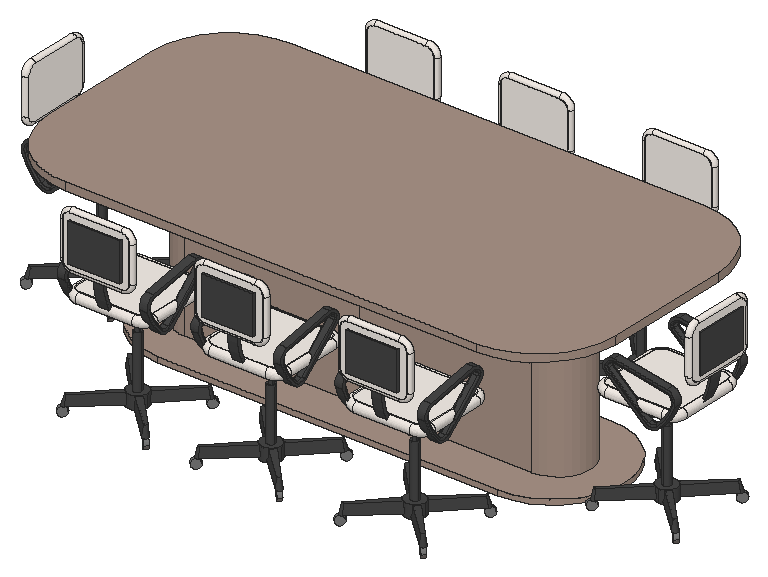
Revit family
Parameters (values of type "2200 x 1100 mm")
  Width = 1100 mm
  Table Material = Wood
  Length = 2200 mm
  Height = 700 mm
Reference planes
  plane 1 "Center (Front/Back)": y = 0
  plane 2: z = 0
  plane 3 "Center (Left/Right)": x = 0
  plane 4: z = 700
  plane 5: x = -1100
  plane 6: x = 1100
  plane 7: y = 550
  plane 8: y = -550
Forms (mm)
  Extrusion 1, solid, material "Wood" <- "Table Material"
    sketch origin (0, 0, 700) x (-1, 0, 0) y (0, -1, 0)
      loop
        line (-800, -550) -> (800, -550)
        arc (800, -550) -> (1012.132, -462.132) -> (1100, -250) r 300
        line (1100, -250) -> (1100, 250)
        arc (1100, 250) -> (1012.132, 462.132) -> (800, 550) r 300
        line (800, 550) -> (-800, 550)
        arc (-800, 550) -> (-1012.132, 462.132) -> (-1100, 250) r 300
        line (-1100, 250) -> (-1100, -250)
        arc (-1100, -250) -> (-1012.132, -462.132) -> (-800, -550) r 300
    from 0 to -30
  Extrusion 2, solid, material "Wood" <- "Table Material"
    sketch origin (0, 0, 0) x (1, 0, 0) y (0, 1, 0)
      loop
        line (0, 125) -> (-675, 125)
        arc (-675, 125) -> (-800, 0) -> (-675, -125) r 125
        line (-675, -125) -> (0, -125) -> (675, -125)
        arc (675, -125) -> (800, 0) -> (675, 125) r 125
        line (675, 125) -> (0, 125)
    from 20 to 670
  Extrusion 3, solid, material "Wood" <- "Table Material"
    sketch origin (0, 0, 0) x (1, 0, 0) y (0, 1, 0)
      loop
        arc (-660, 275) -> (-935, 0) -> (-660, -275) r 275
        line (-660, -275) -> (660, -275)
        arc (660, -275) -> (935, 0) -> (660, 275) r 275
        line (660, 275) -> (-660, 275)
    from 0 to 20
Lines and regions (mm)
  model lines
    curve 1: line (0, -470, 670) -> (0, -470, 410)
  symbolic lines
    curve 2: arc (-800, 550, 0) -> (-1012.132, 462.132, 0) -> (-1100, 250, 0) r 300
    curve 3: line (800, 550, 0) -> (-800, 550, 0)
    curve 4: arc (-1100, -250, 0) -> (-1012.132, -462.132, 0) -> (-800, -550, 0) r 300
    curve 5: line (-1100, -250, 0) -> (-1100, 250, 0)
    curve 6: line (-800, -550, 0) -> (800, -550, 0)
    curve 7: arc (800, -550, 0) -> (1012.132, -462.132, 0) -> (1100, -250, 0) r 300
    curve 8: line (1100, -250, 0) -> (1100, 250, 0)
    curve 9: arc (1100, 250, 0) -> (1012.132, 462.132, 0) -> (800, 550, 0) r 300
    curve 10: line (-665.168, 718.978, 0) -> (-370.743, 718.978, 0)
    curve 11: line (-665.168, 401.261, 0) -> (-665.168, 718.978, 0)
    curve 12: line (-370.743, 401.261, 0) -> (-665.168, 401.261, 0)
    curve 13: line (-370.743, 718.978, 0) -> (-370.743, 401.261, 0)
    curve 14: line (-145.168, 718.978, 0) -> (149.257, 718.978, 0)
    curve 15: line (-145.168, 401.261, 0) -> (-145.168, 718.978, 0)
    curve 16: line (149.257, 401.261, 0) -> (-145.168, 401.261, 0)
    curve 17: line (149.257, 718.978, 0) -> (149.257, 401.261, 0)
    curve 18: line (414.832, 718.978, 0) -> (709.257, 718.978, 0)
    curve 19: line (414.832, 401.261, 0) -> (414.832, 718.978, 0)
    curve 20: line (709.257, 401.261, 0) -> (414.832, 401.261, 0)
    curve 21: line (709.257, 718.978, 0) -> (709.257, 401.261, 0)
    curve 22: line (-665.168, -718.978, 0) -> (-370.743, -718.978, 0)
    curve 23: line (-665.168, -401.261, 0) -> (-665.168, -718.978, 0)
    curve 24: line (-370.743, -401.261, 0) -> (-665.168, -401.261, 0)
    curve 25: line (-370.743, -718.978, 0) -> (-370.743, -401.261, 0)
    curve 26: line (-145.168, -718.978, 0) -> (149.257, -718.978, 0)
    curve 27: line (-145.168, -401.261, 0) -> (-145.168, -718.978, 0)
    curve 28: line (149.257, -401.261, 0) -> (-145.168, -401.261, 0)
    curve 29: line (149.257, -718.978, 0) -> (149.257, -401.261, 0)
    curve 30: line (414.832, -718.978, 0) -> (709.257, -718.978, 0)
    curve 31: line (414.832, -401.261, 0) -> (414.832, -718.978, 0)
    curve 32: line (709.257, -401.261, 0) -> (414.832, -401.261, 0)
    curve 33: line (709.257, -718.978, 0) -> (709.257, -401.261, 0)
    curve 34: line (-1251.646, -137.093, 0) -> (-1251.646, 157.332, 0)
    curve 35: line (-933.929, -137.093, 0) -> (-1251.646, -137.093, 0)
    curve 36: line (-933.929, 157.332, 0) -> (-933.929, -137.093, 0)
    curve 37: line (-1251.646, 157.332, 0) -> (-933.929, 157.332, 0)
    curve 38: line (1251.646, -137.093, 0) -> (1251.646, 157.332, 0)
    curve 39: line (933.929, -137.093, 0) -> (1251.646, -137.093, 0)
    curve 40: line (933.929, 157.332, 0) -> (933.929, -137.093, 0)
    curve 41: line (1251.646, 157.332, 0) -> (933.929, 157.332, 0)
Dimensions and locks
  "Height": plane 4 to level
  equal spacing: plane 5, plane 3 "Center (Left/Right)", plane 6
  "Length": plane 5 to plane 6
  equal spacing: plane 8, plane 1 "Center (Front/Back)", plane 7
  "Width": plane 8 to plane 7
  aligned and locked: plane 4 to Extrusion 1
  aligned and locked: Extrusion 3 to Extrusion 2
  aligned and locked: Extrusion 2 to Extrusion 1
  aligned and locked: nested 7 to plane 5
  aligned and locked: nested 4 to plane 7
  aligned and locked: nested 4 to Extrusion 1
  aligned and locked: nested 5 to plane 3 "Center (Left/Right)"
  aligned and locked: nested 5 to plane 7
  aligned and locked: nested 6 to nested 3
  aligned and locked: nested 6 to plane 7
  aligned and locked: nested 1 to nested 4
  aligned and locked: nested 1 to plane 8
  aligned and locked: plane 3 "Center (Left/Right)" to nested 2
  aligned and locked: nested 2 to plane 8
  aligned and locked: nested 3 to plane 8
  aligned and locked: nested 8 to plane 6
  aligned and locked: nested 8 to plane 1 "Center (Front/Back)"
  aligned and locked: Extrusion 1 to nested 8
  aligned and locked: curve 2 to Extrusion 1
  aligned and locked: curve 4 to Extrusion 1
Automatic sketch dimensions
  Extrusion 1 sketch curve to plane 6 = 300 mm  (x2)
  Extrusion 1 sketch curve to plane 6 = 0 mm
  Extrusion 1 sketch curve to plane 8 = 0 mm
  plane 5 to Extrusion 1 sketch curve = 300 mm  (x2)
  Extrusion 1 sketch curve to plane 7 = 0 mm
  Extrusion 1 sketch curve to plane 5 = 0 mm
  Extrusion 2 sketch curve to plane 1 "Center (Front/Back)" = 0 mm
  Extrusion 2 sketch curve to plane 3 "Center (Left/Right)" = 0 mm  (x2)
  plane 5 to Extrusion 2 sketch curve = 425 mm
  Extrusion 2 sketch curve to plane 6 = 425 mm
  Extrusion 3 sketch curve to plane 1 "Center (Front/Back)" = 0 mm
  plane 5 to Extrusion 3 sketch curve = 440 mm
  Extrusion 3 sketch curve to plane 6 = 440 mm
  Extrusion 3 sketch curve to Extrusion 3 sketch curve = 275 mm
  plane 1 "Center (Front/Back)" to Extrusion 2 sketch curve = 125 mm
  curve 1 to plane 8 = 80 mm
  curve 1 to plane 4 = 290 mm
  curve 1 to plane 4 = 30 mm
  curve 7 to plane 6 = 0 mm
  curve 37 to plane 5 = 151.646 mm
  curve 37 to curve 2 = 133.929 mm
  curve 6 to curve 24 = 134.832 mm
  curve 3 to curve 10 = 134.832 mm
  curve 11 to curve 13 = 294.426 mm
  curve 23 to curve 24 = 294.426 mm
  curve 16 to plane 3 "Center (Left/Right)" = 145.168 mm
  curve 28 to plane 3 "Center (Left/Right)" = 145.168 mm
  plane 3 "Center (Left/Right)" to curve 28 = 149.257 mm
  plane 3 "Center (Left/Right)" to curve 14 = 149.257 mm
  curve 14 to curve 19 = 265.574 mm
  curve 28 to curve 32 = 265.574 mm
  curve 18 to curve 18 = 294.426 mm
  curve 30 to curve 30 = 294.426 mm
  curve 20 to curve 9 = 90.743 mm
  curve 32 to curve 7 = 90.743 mm
  plane 8 to curve 31 = 168.978 mm
  plane 8 to curve 22 = 168.978 mm
  plane 8 to curve 29 = 168.978 mm
  curve 29 to plane 8 = 148.739 mm
  curve 31 to plane 8 = 148.739 mm
  curve 25 to plane 8 = 148.739 mm
  plane 1 "Center (Front/Back)" to curve 35 = 137.093 mm
  curve 34 to plane 1 "Center (Front/Back)" = 157.332 mm
  plane 7 to curve 20 = 148.739 mm
  plane 7 to curve 17 = 148.739 mm
  plane 7 to curve 13 = 148.739 mm
  curve 15 to plane 7 = 168.978 mm
  curve 18 to plane 7 = 168.978 mm
  curve 11 to plane 7 = 168.978 mm
  curve 9 to curve 40 = 133.929 mm
  plane 6 to curve 38 = 151.646 mm
  plane 1 "Center (Front/Back)" to curve 39 = 137.093 mm
  curve 38 to plane 1 "Center (Front/Back)" = 157.332 mm
Nested families
  nested 1: "M_Furn-Chair-330 x 330 mm" at (-520, -550, 0), type "330 x 330 mm"
  nested 2: "M_Furn-Chair-330 x 330 mm" at (0, -550, 0), type "330 x 330 mm"
  nested 3: "M_Furn-Chair-330 x 330 mm" at (560, -550, 0), type "330 x 330 mm"
  nested 4: "M_Furn-Chair-330 x 330 mm" at (-520, 550, 0), type "330 x 330 mm"
  nested 5: "M_Furn-Chair-330 x 330 mm" at (0, 550, 0), type "330 x 330 mm"
  nested 6: "M_Furn-Chair-330 x 330 mm" at (560, 550, 0), type "330 x 330 mm"
  nested 7: "M_Furn-Chair-330 x 330 mm" at (-1100, 0, 0) x (0, 1, 0) z (0, 0, 1), type "330 x 330 mm"
  nested 8: "M_Furn-Chair-330 x 330 mm" at (1100, 0, 0) x (0, 1, 0) z (0, 0, 1), type "330 x 330 mm"
Definition of nested family "M_Furn-Chair-330 x 330 mm"
  Parameters (values of type "330 x 330 mm")
    Wheel Material = Rubber
    Upholstery Material = Textile
    Frame Material = Plastic
  Reference planes
    plane 1 "Center (Front/Back)": y = 0
    plane 2: z = 0
    plane 3 "Center (Left/Right)": x = 0
    plane 4: x = -165
    plane 5: x = 165
    plane 6: y = 165
    plane 7: y = -165
    plane 8: z = 440
    plane 9: z = 758.311
  Forms (mm)
    Extrusion 1, solid, material "Plastic" <- "Frame Material"
      sketch origin (0, 0, 0) x (1, 0, 0) y (0, 1, 0)
        loop
          arc (-105, 130) -> (-122.678, 122.678) -> (-130, 105) r 25
          line (-130, 105) -> (-130, -105)
          arc (-130, -105) -> (-122.678, -122.678) -> (-105, -130) r 25
          line (-105, -130) -> (105, -130)
          arc (105, -130) -> (122.678, -122.678) -> (130, -105) r 25
          line (130, -105) -> (130, 105)
          arc (130, 105) -> (122.678, 122.678) -> (105, 130) r 25
          line (105, 130) -> (-105, 130)
      from 390 to 400
    Extrusion 2, solid, material "Textile" <- "Upholstery Material"
      sketch origin (0, 0, 0) x (1, 0, 0) y (0, 1, 0)
        loop
          line (110, 145) -> (-110, 145)
          arc (-110, 145) -> (-134.749, 134.749) -> (-145, 110) r 35
          line (-145, 110) -> (-145, -110)
          arc (-145, -110) -> (-134.749, -134.749) -> (-110, -145) r 35
          line (-110, -145) -> (110, -145)
          arc (110, -145) -> (134.749, -134.749) -> (145, -110) r 35
          line (145, -110) -> (145, 110)
          arc (145, 110) -> (134.749, 134.749) -> (110, 145) r 35
      from 400 to 440
    Sweep 3, solid, material "Plastic" <- "Frame Material"
      path origin (-160, 0, 0) x (0, 1, 0) y (0, 0, 1)
        loop
          arc (-104.023, 387.872) -> (-83.053, 376.265) -> (-59.378, 380) r 36.872
          line (-59.378, 380) -> (97.497, 516.37)
          arc (97.497, 516.37) -> (102.25, 523.601) -> (101.749, 532.241) r 13.771
          arc (101.749, 532.241) -> (89.21, 549.472) -> (68.941, 556.052) r 34.508
          line (68.941, 556.052) -> (-137.869, 519.586)
          arc (-137.869, 519.586) -> (-158.662, 504.701) -> (-161.157, 479.25) r 30.948
          arc (-161.157, 479.25) -> (-138.69, 429.747) -> (-104.023, 387.872) r 205.38
      profile origin (0, -232.158, 371.306) x (0, -0.847904, -0.53015) y (1, 0, 0)
        loop
          arc (-117.023, -171.082) -> (-115.593, -174.323) -> (-112.153, -175.168) r 4.011
          line (-112.153, -175.168) -> (-102.023, -175.168) -> (-102.023, -145.168) -> (-112.153, -145.168)
          arc (-112.153, -145.168) -> (-115.462, -145.908) -> (-117.023, -148.918) r 4.011
          line (-117.023, -148.918) -> (-117.023, -171.082)
    Sweep 4, solid, material "Plastic" <- "Frame Material"
      path origin (160, 0, 0) x (0, 1, 0) y (0, 0, -1)
        loop
          arc (-104.023, -387.872) -> (-138.69, -429.747) -> (-161.157, -479.25) r 205.38
          arc (-161.157, -479.25) -> (-158.662, -504.701) -> (-137.869, -519.586) r 30.948
          line (-137.869, -519.586) -> (68.941, -556.052)
          arc (68.941, -556.052) -> (89.21, -549.472) -> (101.749, -532.241) r 34.508
          arc (101.749, -532.241) -> (102.25, -523.601) -> (97.497, -516.37) r 13.771
          line (97.497, -516.37) -> (-59.378, -380)
          arc (-59.378, -380) -> (-83.053, -376.265) -> (-104.023, -387.872) r 36.872
      profile origin (0, -232.158, 371.306) x (0, 0.847904, 0.53015) y (1, 0, 0)
        loop
          arc (117.023, 171.082) -> (115.593, 174.323) -> (112.153, 175.168) r 4.011
          line (112.153, 175.168) -> (102.023, 175.168) -> (102.023, 145.168) -> (112.153, 145.168)
          arc (112.153, 145.168) -> (115.462, 145.908) -> (117.023, 148.918) r 4.011
          line (117.023, 148.918) -> (117.023, 171.082)
    Extrusion 5, solid, material "Plastic" <- "Frame Material"
      sketch origin (0, 0, 0) x (1, 0, 0) y (0, 1, 0)
        loop
          line (-100, -203.277) -> (-100, -212.827) -> (100, -212.827) -> (100, -203.277) -> (-100, -203.277)
      from 570.697 to 720.797
    Extrusion 6, solid, material "Textile" <- "Upholstery Material"
      sketch origin (0, 0, 0) x (1, 0, 0) y (0, 0, 1)
        loop
          line (-100, 545.811) -> (100, 545.811)
          arc (100, 545.811) -> (121.213, 554.598) -> (130, 575.811) r 30
          line (130, 575.811) -> (130, 715.811)
          arc (130, 715.811) -> (121.213, 737.024) -> (100, 745.811) r 30
          line (100, 745.811) -> (-100, 745.811)
          arc (-100, 745.811) -> (-121.213, 737.024) -> (-130, 715.811) r 30
          line (-130, 715.811) -> (-130, 575.811)
          arc (-130, 575.811) -> (-121.213, 554.598) -> (-100, 545.811) r 30
      from 178.277 to 203.277
    Extrusion 7, solid, material "Plastic" <- "Frame Material"
      sketch origin (0, 0, 0) x (1, 0, 0) y (0, 1, 0)
        loop
          circle (0, 0) r 7.5
      from 280 to 390
    Extrusion 8, solid, material "Plastic" <- "Frame Material"
      sketch origin (0, 0, 0) x (1, 0, 0) y (0, 1, 0)
        loop
          circle (0, 0) r 15
      from 75 to 280
    Blend 9, solid, material "Plastic" <- "Frame Material"
      base sketch origin (0, 0, 0) x (1, 0, 0) y (0, 1, 0)
        loop
          arc (13.765, 37.557) -> (28.284, 28.284) -> (37.557, 13.765) r 40
          line (37.557, 13.765) -> (165.157, 149.646)
          arc (165.157, 149.646) -> (165.229, 164.752) -> (150.148, 165.629) r 10.978
          line (150.148, 165.629) -> (13.765, 37.557)
      top sketch origin (0, 0, 0) x (1, 0, 0) y (0, 1, 0)
        loop
          arc (18.719, 35.35) -> (28.284, 28.284) -> (35.35, 18.719) r 40
          line (35.35, 18.719) -> (158.583, 149.95)
          arc (158.583, 149.95) -> (158.005, 157.778) -> (150.229, 158.846) r 6.239
          line (150.229, 158.846) -> (18.719, 35.35)
      from 35 to 75
    Extrusion 10, solid, material "Plastic" <- "Frame Material"
      sketch origin (0, 0, 0) x (1, 0, 0) y (0, 1, 0)
        loop
          circle (0, 0) r 40
      from 25 to 75
    Blend 11, solid, material "Plastic" <- "Frame Material"
      base sketch origin (0, 0, 0) x (-1, 0, 0) y (0, -1, 0)
        loop
          line (13.765, -37.557) -> (150.148, -165.629)
          arc (150.148, -165.629) -> (165.229, -164.752) -> (165.157, -149.646) r 10.978
          line (165.157, -149.646) -> (37.557, -13.765)
          arc (37.557, -13.765) -> (28.284, -28.284) -> (13.765, -37.557) r 40
      top sketch origin (0, 0, 0) x (-1, 0, 0) y (0, -1, 0)
        loop
          line (18.719, -35.35) -> (150.229, -158.846)
          arc (150.229, -158.846) -> (158.005, -157.778) -> (158.583, -149.95) r 6.239
          line (158.583, -149.95) -> (35.35, -18.719)
          arc (35.35, -18.719) -> (28.284, -28.284) -> (18.719, -35.35) r 40
      from 35 to 75
    Blend 12, solid, material "Plastic" <- "Frame Material"
      base sketch origin (0, 0, 0) x (-1, 0, 0) y (0, -1, 0)
        loop
          arc (13.765, 37.557) -> (28.284, 28.284) -> (37.557, 13.765) r 40
          line (37.557, 13.765) -> (165.157, 149.646)
          arc (165.157, 149.646) -> (165.229, 164.752) -> (150.148, 165.629) r 10.978
          line (150.148, 165.629) -> (13.765, 37.557)
      top sketch origin (0, 0, 0) x (-1, 0, 0) y (0, -1, 0)
        loop
          arc (18.719, 35.35) -> (28.284, 28.284) -> (35.35, 18.719) r 40
          line (35.35, 18.719) -> (158.583, 149.95)
          arc (158.583, 149.95) -> (158.005, 157.778) -> (150.229, 158.846) r 6.239
          line (150.229, 158.846) -> (18.719, 35.35)
      from 35 to 75
    Blend 13, solid, material "Plastic" <- "Frame Material"
      base sketch origin (0, 0, 0) x (1, 0, 0) y (0, 1, 0)
        loop
          line (13.765, -37.557) -> (150.148, -165.629)
          arc (150.148, -165.629) -> (165.229, -164.752) -> (165.157, -149.646) r 10.978
          line (165.157, -149.646) -> (37.557, -13.765)
          arc (37.557, -13.765) -> (28.284, -28.284) -> (13.765, -37.557) r 40
      top sketch origin (0, 0, 0) x (1, 0, 0) y (0, 1, 0)
        loop
          line (18.719, -35.35) -> (150.229, -158.846)
          arc (150.229, -158.846) -> (158.005, -157.778) -> (158.583, -149.95) r 6.239
          line (158.583, -149.95) -> (35.35, -18.719)
          arc (35.35, -18.719) -> (28.284, -28.284) -> (18.719, -35.35) r 40
      from 35 to 75
    Extrusion 14, solid, material "Rubber" <- "Wheel Material"
      sketch origin (-164.185, 71.231, 0) x (0.707107, 0.707107, 0) y (0, 0, 1)
        loop
          circle (-164.166, 17.495) r 17.5
      from 160 to 175
    Extrusion 15, solid, material "Rubber" <- "Wheel Material"
      sketch origin (164.185, 71.231, 0) x (-0.707107, 0.707107, 0) y (0, 0, -1)
        loop
          circle (-164.166, -17.495) r 17.5
      from 160 to 175
    Extrusion 16, solid, material "Rubber" <- "Wheel Material"
      sketch origin (164.185, -71.231, 0) x (-0.707107, -0.707107, 0) y (0, 0, 1)
        loop
          circle (-164.166, 17.495) r 17.5
      from 160 to 175
    Extrusion 17, solid, material "Rubber" <- "Wheel Material"
      sketch origin (-164.185, -71.231, 0) x (0.707107, -0.707107, 0) y (0, 0, -1)
        loop
          circle (-164.166, -17.495) r 17.5
      from 160 to 175
    Sweep 18, solid, material "Textile" <- "Upholstery Material"
      path origin (0, 0, 0) x (1, 0, 0) y (0, 1, 0)
        loop
          line (110, 145) -> (-110, 145)
          arc (-110, 145) -> (-134.749, 134.749) -> (-145, 110) r 35
          line (-145, 110) -> (-145, -110)
          arc (-145, -110) -> (-134.749, -134.749) -> (-110, -145) r 35
          line (-110, -145) -> (110, -145)
          arc (110, -145) -> (134.749, -134.749) -> (145, -110) r 35
          line (145, -110) -> (145, 110)
          arc (145, 110) -> (134.749, 134.749) -> (110, 145) r 35
      profile origin (0, 0, 0) x (0, -1, 0) y (0, 0, 1)
        loop
          line (-145, 400) -> (-145, 440)
          arc (-145, 440) -> (-165, 420) -> (-145, 400) r 20
    Sweep 19, solid, material "Plastic" <- "Frame Material"
      path origin (0, 21.078, 61.698) x (0, 1, 0) y (0, 0, 1)
        loop
          arc (-175, 360) -> (-199.155, 424.857) -> (-208.276, 493.463) r 309.14
      profile origin (0, -124.634, 499.88) x (0, -0.970296, -0.241922) y (1, 0, 0)
        loop
          line (60.079, -20) -> (60.079, 20) -> (50.079, 20) -> (50.079, -20) -> (60.079, -20)
    Sweep 20, solid, material "Textile" <- "Upholstery Material"
      path origin (0, 0, 0) x (1, 0, 0) y (0, 0, 1)
        loop
          line (100, 745.811) -> (-100, 745.811)
          arc (-100, 745.811) -> (-121.213, 737.024) -> (-130, 715.811) r 30
          line (-130, 715.811) -> (-130, 575.811)
          arc (-130, 575.811) -> (-121.213, 554.598) -> (-100, 545.811) r 30
          line (-100, 545.811) -> (100, 545.811)
          arc (100, 545.811) -> (121.213, 554.598) -> (130, 575.811) r 30
          line (130, 575.811) -> (130, 715.811)
          arc (130, 715.811) -> (121.213, 737.024) -> (100, 745.811) r 30
      profile origin (0, 0, 0) x (0, 0, -1) y (0, -1, 0)
        loop
          line (-745.811, 178.277) -> (-745.811, 203.277)
          arc (-745.811, 203.277) -> (-758.311, 190.777) -> (-745.811, 178.277) r 12.5
  Lines and regions (mm)
    symbolic lines
      curve 1: line (-110, 165, 0) -> (110, 165, 0)
      curve 2: arc (-110, 145, 0) -> (-134.749, 134.749, 0) -> (-145, 110, 0) r 35
      curve 3: line (-110, 145, 0) -> (110, 145, 0)
      curve 4: arc (145, 110, 0) -> (134.749, 134.749, 0) -> (110, 145, 0) r 35
      curve 5: line (-175.168, 110.173, 0) -> (-175.168, -169.87, 0)
      curve 6: line (-145.168, 110.173, 0) -> (-145.168, -169.87, 0)
      curve 7: line (130, -178.277, 0) -> (-130, -178.277, 0)
      curve 8: line (-130, -203.277, 0) -> (130, -203.277, 0)
      curve 9: arc (-130, -178.277, 0) -> (-142.5, -190.777, 0) -> (-130, -203.277, 0) r 12.5
      curve 10: arc (130, -178.277, 0) -> (142.5, -190.777, 0) -> (130, -203.277, 0) r 12.5
      curve 11: line (-100, -213.277, 0) -> (100, -213.277, 0)
      curve 12: line (100, -213.277, 0) -> (100, -203.277, 0)
      curve 13: line (-100, -203.277, 0) -> (-100, -213.277, 0)
      curve 14: line (-20, -150.539, 0) -> (-20, -193.275, 0)
      curve 15: line (20, -150.539, 0) -> (20, -193.275, 0)
      curve 16: line (110, -145, 0) -> (-110, -145, 0)
      curve 17: arc (-145, -110, 0) -> (-134.749, -134.749, 0) -> (-110, -145, 0) r 35
      curve 18: arc (110, -145, 0) -> (134.749, -134.749, 0) -> (145, -110, 0) r 35
      curve 19: line (145.168, 110.173, 0) -> (145.168, -169.87, 0)
      curve 20: line (175.168, 110.173, 0) -> (175.168, -169.87, 0)
      curve 21: line (175.168, 109.482, 0) -> (145.168, 109.482, 0)
      curve 22: arc (110, 165, 0) -> (149.257, 148.739, 0) -> (165.518, 109.482, 0) r 55.518
      curve 23: arc (-110, 165, 0) -> (-149.257, 148.739, 0) -> (-165.518, 109.482, 0) r 55.518
      curve 24: line (-145.168, 109.482, 0) -> (-175.168, 109.482, 0)
      curve 25: line (-175.168, -168.978, 0) -> (-145.168, -168.978, 0)
      curve 26: line (145.168, -168.978, 0) -> (175.168, -168.978, 0)
      curve 27: line (-20, -165, 0) -> (-110, -165, 0)
      curve 28: arc (-110, -165, 0) -> (-128.532, -162.604, 0) -> (-145.168, -154.093, 0) r 54.543
      curve 29: line (20, -165, 0) -> (110, -165, 0)
      curve 30: arc (110, -165, 0) -> (128.532, -162.604, 0) -> (145.168, -154.093, 0) r 54.543
  Dimensions and locks
    plane 4 to plane 5 = 330 mm
    plane 7 to plane 6 = 330 mm
    level to plane 8 = 440 mm  (x2)
    level to plane 9 = 758.311 mm
    aligned and locked: Extrusion 7 to Extrusion 8
    aligned and locked: Blend 9 sketch curve to var sketch
    aligned and locked: Blend 11 sketch curve to var sketch
    aligned and locked: Blend 12 sketch curve to var sketch
    aligned and locked: Blend 13 sketch curve to var sketch
    aligned and locked: Extrusion 1 to Extrusion 2
    aligned and locked: Extrusion 7 to Extrusion 1
    aligned and locked: Sweep 18 sketch curve to Extrusion 2  (x10)
    aligned and locked: Extrusion 5 to Extrusion 6
    aligned and locked: Sweep 20 sketch curve to Extrusion 6  (x10)
